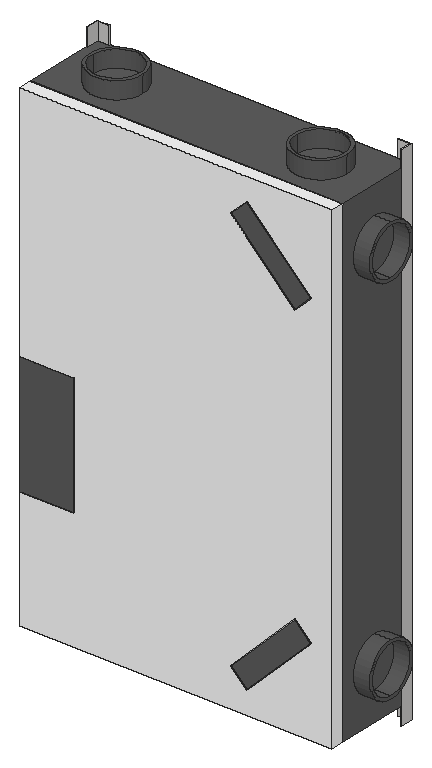
Revit family "2019-SYP-ALTAIR-120-RE-EN", category Mechanical Equipment, Revit 2019
Family settings
  Round Connector Dimension = Use Radius
  Part Type = Normal
  OmniClass Number = 23.75.00.00
  OmniClass Title = Climate Control (HVAC)
  Work Plane-Based = No
  Always vertical = Yes
  Cut with Voids When Loaded = No
  Shared = No
  Room Calculation Point = No
Parameters (values of type "default")
  spRevision = ""
  spPosition = ""
  spProjectLineURL = ""
  spEasyVentProductDescription = ""
  spProductDescription = ""
  spGenericalProductConfiguration = ""
  WrappingMaterial = ""
  WheelTipSpeed = ""
  WaterConsumptionPerUnit = 0
  Unit = ""
  Throw Distance Medium Velocity = ""
  Throw Distance Low Velocity = 0 mm
  Throw Distance High Velocity = 0 mm
  SpecialInstructions = ""
  ShaftPowerRate = 0 W
  ResourceDepletionPerUnit = 0
  RadioactiveWastePerUnit = 0
  RadioactiveWaste = 0
  PowerFactor = 0.00%
  PointOfContact = ""
  OverallEfficiency = ""
  OperationalCriteria = ""
  OperationTemperatureRange = ""
  NonHazardousWastePerUnit = 0
  NonHazardousWaste = 0
  NominalFrequencyRange = 0 Hz
  MotorDriveType = ""
  ModelLabel = ""
  MeanTimeBetweenFailure = ""
  MaterialHousing C = Plastic, Formed Black
  MaintenanceUnit = ""
  MaintenanceTask = ""
  MaintenanceSpecifications = ""
  MaintenanceRegulation = ""
  MaintenanceFrequency = ""
  MaintenanceCost = 0
  MaintenanceCertificate = ""
  LifeCyclePhase = ""
  InertWastePerUnit = 0
  InertWaste = 0
  HazardousWastePerUnit = 0
  HazardousWaste = 0
  FunctionalUnitReference = ""
  FanPowerRate = 0 W
  FanMountingType = ""
  FanEfficiency = ""
  ExpectedServiceLife = ""
  Exclusions = ""
  EfficiencyCurve = ""
  DischargeVelocity = 0.0 m/s
  DischargeType = ""
  CapacityControlType = ""
  BatchReference = ""
  BIMElementVersion = "1.0"
  Uniclass2.0Title = ""
  Uniclass2.0Code = ""
  UNSPSCTitle = "Fans"  # constant formula
  UNSPSCCode = "40101604"  # constant formula
  PackingCareType = ""
  ContactTelephone = ""
  DrivePowerLoss = 0 W
  PJ = 78 mm
  PII = 170 mm
  PH = 30 mm
  PG = 850 mm
  PCUT_INT2 = PD - 10 mm  # 84 mm
  OmniclassTitle = "Fans"  # constant formula
  OmniclassCode = "23-33 31 19"  # constant formula
  SerialNumber = ""
  GlobalTradeItemNumber = ""
  AssemblyPlace = ""
  ArticleNumber = ""
  Support Bracket Material = Steel, Galvanized
  Electrical Connector Material = Plastic, Formed white
  MaterialHousing B = Steel, Galvanized painted black
  MaterialHousing = Steel, Galvanized painted white
  MasterformatTitle = "Heating, Ventilating, and Air Conditioning (HVAC)"  # constant formula
  MasterformatCode = "23 00 00"  # constant formula
  NominalAirFlowRate = 0.0 L/s
  IFCClassification = "Fans"  # constant formula
  IsExtendedWarranty = no
  PhotochemicalOzoneFormationPerUnit = 0
  PhotochemicalOzoneFormation = 0
  InstallationDate = ""
  WarrantyStartDate = ""
  WarrantyEndDate = ""
  AssessmentDate = ""
  BIMElementIssueDate = ""
  EutrophicationPerUnit = 0
  Eutrophication = 0
  RenewableEnergyConsumptionPerUnit = 0
  RenewableEnergyConsumption = 0
  TotalPrimaryEnergyConsumptionPerUnit = 0
  TotalPrimaryEnergyConsumption = 0
  NonRenewableEnergyConsumptionPerUnit = 0
  NonRenewableEnergyConsumption = 0
  ServiceLifeDuration = ""
  Dimension 2 = if(PB > 799 mm, 1 = 1, 1 = 0)  # no
  Dimension 1 = if(PB < 800 mm, 1 = 1, 1 = 0)  # yes
  StratosphericOzoneLayerDestructionPerUnit = 0
  StratosphericOzoneLayerDestruction = 0
  AssessmentDescription = ""
  WarrantyContent = ""
  AssessmentCondition = ""
  BarCode = ""
  ClimateChangePerUnit = 0
  ClimateChange = 0
  COBieCategory = ""
  ProductionYear = ""
  spFanSize = 0 mm
  spReference = ""
  spBreakOutSoundPressure = ""
  spOutletSoundPressure = ""
  spInletSoundPressure = ""
  spShaftPower_Solution = 0 W
  spBreakOutSoundPower = ""
  spOutletSoundPower = ""
  spInletSoundPower = ""
  spSpecificPower_Solution = ""
  spElectricalPower_Solution = 0 W
  spProjectName = ""
  spMaxAbsorbedCurrent = 0 A
  spIdProject = ""
  spSoundDistance = ""
  spDO1 = PD  # 94 mm
  spDI1 = PD  # 94 mm
  spEasyVentProductCode = ""
  spProductCode = ""
  spMotorClass = ""
  spTotalProductQuantity = ""
  spProductQuantity = ""
  FanRotationSpeed = ""
  NominalRotationSpeed = ""
  ProductURL = ""
  URL = ""
  HasProtectiveEarth = yes
  RatedVoltage = 0 V
  ContactReference = ""
  Reference = ""
  Connector Radius 2 = spDO1 / 2  # 47 mm
  Connector Radius 1 = spDI1 / 2  # 47 mm
  NominalTotalPressure = 0.0 Pa
  NominalStaticPressure = 0.0 Pa
  Air Terminal Velocity Pressure = 0.0 Pa
  MotorPosition = ""
  CoilPosition = ""
  GrossWeight = 0.00 kg
  DischargePressureLoss = 0.0 Pa
  PF = 660 mm
  PE = 30 mm
  PD = 94 mm
  PCUT_INT = PD - 10 mm  # 84 mm
  PC = 550 mm
  PB = 360 mm
  PA = 77 mm
  NumberOfPoles = 1
  Model = ""
  Arrangement = ""
  ContainerMaterial = ""
  NominalPowerRate = 0 W
  Type Image = <None>
  ConductorFunction = ""
  BIMElementExpiryDate = ""
  ResourceDepletion = 0
  Manufacturer = ""
  ContactEmail = ""
  DirectionOfRotation = ""
  DischargePosition = ""
  ImpellerDiameter = 0 mm
  Description = ""
  SoundCurve = ""
  PressureCurve = ""
  RatedCurrent = 0 A
  Type Comments = ""
  IP_Code = ""
  InsulationStandardClass = ""
  Author = "Bimetica Parametric Design Services, S.L."  # constant formula
  ApplicationOfFan = ""
  WaterConsumption = 0
  AtmosphericAcidificationPerUnit = 0
  AtmosphericAcidification = 0
  AcquisitionDate = ""
Reference planes
  plane 1 "Centro (Frontal/Posterior)": y = 0
  plane 2: z = 0
  plane 3 "Centro (Izquierda/Derecha)": x = 0
  plane 4 "Ventilador": z = 455
  plane 5: z = 30
  plane 6: z = 880
  plane 7: z = 785
  plane 8: z = 125
  plane 9: z = 910
  plane 10: x = 275
  plane 11: x = -275
  plane 12: x = 180
  plane 13: x = -180
  plane 14: x = 305
  plane 15: x = -305
  plane 16: y = -170
  plane 17: y = -77
  plane 18: y = -78
  plane 19: y = -30
  plane 20: y = -124
Forms (mm)
  Extrusion 1, solid, material "Steel, Galvanized painted white" <- "MaterialHousing"
    sketch origin (0, 0, 455) x (1, 0, 0) y (0, 1, 0)
      loop
        line (-275, -170) -> (275, -170) -> (275, -147) -> (-275, -147) -> (-275, -170)
    from -425 to 425
  Extrusion 2, solid, material "Steel, Galvanized painted black" <- "MaterialHousing B"
    sketch origin (0, 0, 455) x (1, 0, 0) y (0, 1, 0)
      loop
        line (-275, -147) -> (275, -147) -> (275, 0) -> (-275, 0) -> (-275, -147)
    from -425 to 425
  Extrusion 3, solid, material "Plastic, Formed Black" <- "MaterialHousing C"
    sketch origin (0, 0, 455) x (1, 0, 0) y (0, 1, 0)
      loop
        circle (-180, -77) r 47
      loop
        circle (-180, -77) r 42
      loop
        circle (180, -77) r 47
      loop
        circle (180, -77) r 42
    from 425 to 455
  Extrusion 4, solid, material "Plastic, Formed Black" <- "MaterialHousing C"
    sketch origin (0, 0, 455) x (1, 0, 0) y (0, 1, 0)
      loop
        circle (-180, -77) r 47
      loop
        circle (-180, -77) r 42
      loop
        circle (180, -77) r 47
      loop
        circle (180, -77) r 42
    from -455 to -425
  Extrusion 5, solid, material "Plastic, Formed Black" <- "MaterialHousing C"
    sketch origin (0, 0, 164) x (0, 0, 1) y (0, -1, 0)
      loop
        circle (621, 78) r 47
      loop
        circle (621, 78) r 42
      loop
        circle (-39, 78) r 47
      loop
        circle (-39, 78) r 42
    from -305 to -275
  Extrusion 6, solid, material "Plastic, Formed Black" <- "MaterialHousing C"
    sketch origin (0, 0, 164) x (0, 0, 1) y (0, 1, 0)
      loop
        circle (621, -78) r 47
      loop
        circle (621, -78) r 42
      loop
        circle (-39, -78) r 47
      loop
        circle (-39, -78) r 42
    from -305 to -275
  Extrusion 7, void
    sketch origin (0, 0, 164) x (0, 0, 1) y (-1, 0, 0)
      loop
        line (291, 275) -> (78.5, 275) -> (78.5, 180) -> (291, 180) -> (291, 275)
      loop
        line (648.246, -96.185) -> (535.109, -209.322) -> (563.393, -237.607) -> (676.53, -124.47) -> (648.246, -96.185)
      loop
        line (18.607, -237.607) -> (46.891, -209.322) -> (-66.246, -96.185) -> (-94.53, -124.47) -> (18.607, -237.607)
    from 124 to 170
  Extrusion 8, solid, material "Steel, Galvanized painted black" <- "MaterialHousing B"
    sketch origin (0, 0, 164) x (0, 0, 1) y (-1, 0, 0)
      loop
        line (291, 275) -> (78.5, 275) -> (78.5, 180) -> (291, 180) -> (291, 275)
      loop
        line (676.53, -124.47) -> (648.246, -96.185) -> (535.109, -209.322) -> (563.393, -237.607) -> (676.53, -124.47)
      loop
        line (-94.53, -124.47) -> (18.607, -237.607) -> (46.891, -209.322) -> (-66.246, -96.185) -> (-94.53, -124.47)
    from 124 to 170
  Extrusion 9, solid, material "Steel, Galvanized" <- "Support Bracket Material"
    sketch origin (0, 0, 455) x (1, 0, 0) y (0, 1, 0)
      loop
        line (-275, -20) -> (-275, 0) -> (-255, 0) -> (-255, 1.96) -> (-277, 1.96) -> (-277, -20) -> (-275, -20)
      loop
        line (275, -20) -> (277, -20) -> (277, 1.96) -> (255, 1.96) -> (255, 0) -> (275, 0) -> (275, -20)
    from -455 to 455
  Extrusion 10, void
    sketch origin (0, 0, 164) x (0, 0, 1) y (0, -1, 0)
      loop
        circle (238.433, 147) r 15
      loop
        circle (133.433, 147) r 15
      loop
        circle (185.933, 147) r 15
    from -275 to -180
  Extrusion 11, solid, material "Plastic, Formed white" <- "Electrical Connector Material"
    sketch origin (0, 0, 164) x (0, 0, 1) y (0, -1, 0)
      loop
        circle (238.433, 147) r 15
      loop
        circle (133.433, 147) r 15
      loop
        circle (185.933, 147) r 15
    from -275 to -180
Cuts and joins
  Extrusion 7, Extrusion 10 cuts Extrusion 1
  Extrusion 7, Extrusion 10 cuts Extrusion 2
  Extrusion 10 cuts Extrusion 8
Dimensions and locks
  "PH": plane 5 to plane 2
  equal spacing: plane 6, plane 4 "Ventilador", plane 5
  "PG": plane 6 to plane 5
  equal spacing: plane 7, plane 4 "Ventilador", plane 8
  "PF": plane 7 to plane 8
  "PH": plane 9 to plane 6
  equal spacing: plane 10, plane 3 "Centro (Izquierda/Derecha)", plane 11
  "PC": plane 11 to plane 10
  equal spacing: plane 12, plane 3 "Centro (Izquierda/Derecha)", plane 13
  "PB": plane 13 to plane 12
  "PE": plane 14 to plane 10
  "PE": plane 15 to plane 11
  "PII": plane 16 to plane 1 "Centro (Frontal/Posterior)"
  "PA": plane 17 to plane 1 "Centro (Frontal/Posterior)"
  "PJ": plane 18 to plane 1 "Centro (Frontal/Posterior)"
  equal spacing: plane 20, plane 17, plane 19
  "PD": plane 20 to plane 19
  equal spacing: plane 16, Extrusion 1 sketch curve, plane 20
  equal spacing: plane 4 "Ventilador", Extrusion 7 sketch curve, plane 5
  Extrusion 8 sketch curve to Extrusion 8 sketch curve to plane 7 to Extrusion 8 sketch curve to Extrusion 8 sketch curve = 28.284 mm locked, 27.246 mm locked, 57.607 mm locked, 28.284 mm locked
  Extrusion 8 sketch curve to Extrusion 8 sketch curve to plane 12 to Extrusion 8 sketch curve to Extrusion 8 sketch curve = 28.284 mm locked, 29.322 mm locked, 55.53 mm locked, 28.284 mm locked  (x2)
  Extrusion 8 sketch curve to Extrusion 8 sketch curve to plane 8 to Extrusion 8 sketch curve to Extrusion 8 sketch curve = 28.284 mm locked, 27.246 mm locked, 57.607 mm locked, 28.284 mm locked
  Extrusion 9 sketch curve to plane 11 to Extrusion 9 sketch curve = 2 mm locked, 20 mm locked
  Extrusion 9 sketch curve to plane 1 "Centro (Frontal/Posterior)" to Extrusion 9 sketch curve = 20 mm locked, 1.96 mm locked  (x2)
  Extrusion 9 sketch curve to plane 10 to Extrusion 9 sketch curve = 20 mm locked, 2 mm locked
  locked: plane 4 "Ventilador" to Extrusion 10 sketch curve at 52.567
  locked: Extrusion 8 to Extrusion 10 sketch curve at 54.933
  locked: Extrusion 10 sketch curve to plane 16 at 23  (x3)
  equal spacing: Extrusion 10 sketch curve, Extrusion 10 sketch curve, Extrusion 10 sketch curve
  "spDI1": diameter of Extrusion 3 sketch curve
  "PCUT_INT": diameter of Extrusion 3 sketch curve
  "spDO1": diameter of Extrusion 3 sketch curve
  "PCUT_INT2": diameter of Extrusion 3 sketch curve
  "spDO1": diameter of Extrusion 4 sketch curve
  "PCUT_INT2": diameter of Extrusion 4 sketch curve
  "spDI1": diameter of Extrusion 4 sketch curve
  "PCUT_INT": diameter of Extrusion 4 sketch curve
  "spDO1": diameter of Extrusion 5 sketch curve
  "PCUT_INT2": diameter of Extrusion 5 sketch curve
  "spDI1": diameter of Extrusion 5 sketch curve
  "PCUT_INT": diameter of Extrusion 5 sketch curve
  "spDI1": diameter of Extrusion 6 sketch curve
  "PCUT_INT": diameter of Extrusion 6 sketch curve
  "spDO1": diameter of Extrusion 6 sketch curve
  "PCUT_INT2": diameter of Extrusion 6 sketch curve
  aligned and locked: level to plane 2
  aligned and locked: plane 11 to Extrusion 1 sketch curve
  aligned and locked: plane 16 to Extrusion 1 sketch curve
  aligned and locked: plane 10 to Extrusion 1 sketch curve
  aligned and locked: plane 6 to Extrusion 1
  aligned and locked: Extrusion 1 to plane 5
  aligned and locked: Extrusion 2 sketch curve to Extrusion 1  (x2)
  aligned and locked: Extrusion 2 sketch curve to plane 1 "Centro (Frontal/Posterior)"
  aligned and locked: plane 10 to Extrusion 2 sketch curve
  aligned and locked: plane 6 to Extrusion 2
  aligned and locked: Extrusion 2 to plane 5
  aligned and locked: plane 13 to Extrusion 3 sketch curve  (x2)
  aligned and locked: plane 17 to Extrusion 3 sketch curve  (x3)
  aligned and locked: plane 12 to Extrusion 3 sketch curve
  aligned and locked: plane 9 to Extrusion 3
  aligned and locked: Extrusion 3 to plane 6
  aligned and locked: plane 13 to Extrusion 4 sketch curve
  aligned and locked: plane 17 to Extrusion 4 sketch curve  (x2)
  aligned and locked: plane 12 to Extrusion 4 sketch curve
  aligned and locked: plane 5 to Extrusion 4
  aligned and locked: Extrusion 4 to plane 2
  aligned and locked: plane 7 to Extrusion 5 sketch curve
  aligned and locked: plane 18 to Extrusion 5 sketch curve  (x2)
  aligned and locked: plane 8 to Extrusion 5 sketch curve
  aligned and locked: Extrusion 5 to plane 11
  aligned and locked: plane 15 to Extrusion 5
  aligned and locked: plane 14 to Extrusion 6
  aligned and locked: Extrusion 6 to plane 10
  aligned and locked: Extrusion 7 sketch curve to plane 4 "Ventilador"
  aligned and locked: plane 13 to Extrusion 7 sketch curve
  aligned and locked: Extrusion 7 sketch curve to plane 11
  aligned and locked: plane 20 to Extrusion 7
  aligned and locked: plane 16 to Extrusion 7
  aligned and locked: plane 20 to Extrusion 8
  aligned and locked: plane 16 to Extrusion 8
  aligned and locked: Extrusion 7 sketch curve to Extrusion 8  (x8)
  aligned and locked: Extrusion 9 sketch curve to plane 11
  aligned and locked: plane 1 "Centro (Frontal/Posterior)" to Extrusion 9 sketch curve
  aligned and locked: plane 9 to Extrusion 9
  aligned and locked: Extrusion 9 to plane 2
  aligned and locked: Extrusion 7 to Extrusion 10
  aligned and locked: plane 11 to Extrusion 10
  aligned and locked: Extrusion 11 sketch curve to cut or joined group of Extrusion 8, Extrusion 10  (x6)
  aligned and locked: plane 11 to Extrusion 11
  aligned and locked: Extrusion 11 to plane 13
Automatic sketch dimensions
  plane 13 to Extrusion 8 sketch curve = 0 mm
  plane 11 to Extrusion 8 sketch curve = 0 mm
  Extrusion 8 sketch curve to plane 4 "Ventilador" = 0 mm
  Extrusion 8 sketch curve to plane 8 = 117.5 mm
  plane 1 "Centro (Frontal/Posterior)" to Extrusion 9 sketch curve = 0 mm
  Extrusion 9 sketch curve to plane 10 = 0 mm
  Extrusion 3 sketch curve to Extrusion 3 sketch curve = 0 mm  (x2)
  Extrusion 4 sketch curve to Extrusion 4 sketch curve = 0 mm  (x4)
  Extrusion 5 sketch curve to Extrusion 5 sketch curve = 0 mm  (x4)
  Extrusion 6 sketch curve to Extrusion 6 sketch curve = 0 mm  (x4)
  plane 8 to Extrusion 6 sketch curve = 0 mm
  Extrusion 6 sketch curve to plane 7 = 0 mm
  Extrusion 6 sketch curve to plane 18 = 0 mm  (x2)
  radius of Extrusion 10 sketch curve = 15 mm  (x3)
Connectors
  hvac at (-180, -77, 910), driven by "NominalAirFlowRate", driven by "Connector Radius 1"
    settings: on Extrusion 3, index 1, duct flow 0.0 L/s, flow factor 0, pres drop 0.0 Pa, loss coef 0, conn angle 0.00°, conn width 304.8 mm, conn height 304.8 mm, conn diameter 94 mm, duct sys type 1, conn prof type 0, flow config 0, flow direction 2, loss method 0, conn ref index -1, conn util no, is conn primary yes, conn desc "PDI1"
  hvac at (180, -77, 910), driven by "NominalAirFlowRate", driven by "Connector Radius 1"
    settings: on Extrusion 3, index 2, duct flow 0.0 L/s, flow factor 0, pres drop 0.0 Pa, loss coef 0, conn angle 0.00°, conn width 304.8 mm, conn height 304.8 mm, conn diameter 94 mm, duct sys type 1, conn prof type 0, flow config 0, flow direction 2, loss method 0, conn ref index -1, conn util no, is conn primary no, conn desc "PDO1"
  hvac at (-305, -78, 785), driven by "NominalAirFlowRate", driven by "Connector Radius 2"
    settings: on Extrusion 5, index 3, duct flow 0.0 L/s, flow factor 0, pres drop 0.0 Pa, loss coef 0, conn angle 0.00°, conn width 304.8 mm, conn height 304.8 mm, conn diameter 94 mm, duct sys type 1, conn prof type 0, flow config 0, flow direction 1, loss method 0, conn ref index -1, conn util no, is conn primary no, conn desc "PDO1"
  hvac at (-305, -78, 125), driven by "NominalAirFlowRate", driven by "Connector Radius 2"
    settings: on Extrusion 5, index 4, duct flow 0.0 L/s, flow factor 0, pres drop 0.0 Pa, loss coef 0, conn angle 0.00°, conn width 304.8 mm, conn height 304.8 mm, conn diameter 94 mm, duct sys type 1, conn prof type 0, flow config 0, flow direction 1, loss method 0, conn ref index -1, conn util no, is conn primary no, conn desc "PDI1"
  hvac at (-180, -77, 0), driven by "Connector Radius 2"
    settings: on Extrusion 4, index 5, duct flow 0.0 L/s, flow factor 0, pres drop 0.0 Pa, loss coef 0, conn angle 0.00°, conn width 304.8 mm, conn height 304.8 mm, conn diameter 94 mm, duct sys type 1, conn prof type 0, flow config 0, flow direction 1, loss method 0, conn ref index -1, conn util no, is conn primary no, conn desc "PDO1"
  hvac at (180, -77, 0), driven by "NominalAirFlowRate", driven by "Connector Radius 2"
    settings: on Extrusion 4, index 6, duct flow 0.0 L/s, flow factor 0, pres drop 0.0 Pa, loss coef 0, conn angle 0.00°, conn width 304.8 mm, conn height 304.8 mm, conn diameter 94 mm, duct sys type 1, conn prof type 0, flow config 0, flow direction 1, loss method 0, conn ref index -1, conn util no, is conn primary no, conn desc "PDI1"
  hvac at (305, -78, 785), driven by "NominalAirFlowRate", driven by "Connector Radius 1"
    settings: on Extrusion 6, index 7, duct flow 0.0 L/s, flow factor 0, pres drop 0.0 Pa, loss coef 0, conn angle 0.00°, conn width 304.8 mm, conn height 304.8 mm, conn diameter 94 mm, duct sys type 1, conn prof type 0, flow config 0, flow direction 2, loss method 0, conn ref index -1, conn util no, is conn primary no, conn desc "PDI1"
  hvac at (305, -78, 125), driven by "NominalAirFlowRate", driven by "Connector Radius 1"
    settings: on Extrusion 6, index 8, duct flow 0.0 L/s, flow factor 0, pres drop 0.0 Pa, loss coef 0, conn angle 0.00°, conn width 304.8 mm, conn height 304.8 mm, conn diameter 94 mm, duct sys type 1, conn prof type 0, flow config 0, flow direction 2, loss method 0, conn ref index -1, conn util no, is conn primary no, conn desc "PDO1"
  electrical at (-275, -147, 402.433), driven by "NumberOfPoles", driven by "RatedVoltage", driven by "NominalPowerRate"
    settings: on cut or joined group of Extrusion 8, Extrusion 10, index 9, voltage 0 V, apparent load 0 VA, apparent load phase1 0 VA, apparent load phase2 0 VA, apparent load phase3 0 VA, power factor 1, load classification "Climatización", number of poles 1, system type 30, power factor state 1, is connector primary yes, connector utility no, sub classification motor no, connector description "Electric Connector"
